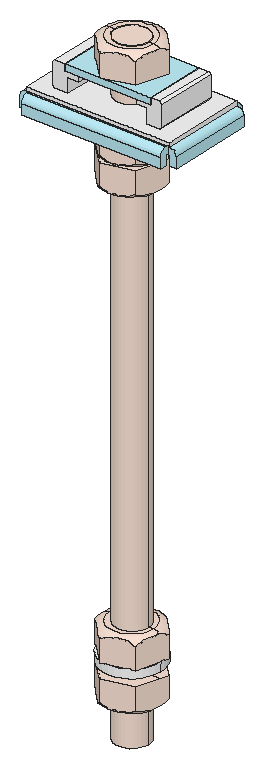
Revit family "ボルトセットGTダイレクト用", category 機械設備, Revit 2020
Family settings
  丸型コネクタ寸法 = 直径を使用
  種別 = なし
  パーツ タイプ = 標準
  作業面ベース = いいえ
  常に垂直 = はい
  ロード時にボイドで切り取り = いいえ
  共有 = いいえ
  部屋計算ポイント = いいえ
Parameters
  製造元 = "株式会社桐井製作所"
  既定の高さ = 0 mm
  URL = "https://www.kirii.co.jp/"
  K_名称 = "ボルトセットGTダイレクト用"
  K_備考 = "ボルト長さ150mm~500mmまで対応"
  K_バージョン情報 = "20221219"
Reference planes
  plane 1 "中心(正面/背面)": y = 0
  plane 2: z = 0
  plane 3 "中心(左/右)": x = 0
Forms (mm)
  Extrusion 1, solid
    sketch origin (0.058, 0, 0) x (1, 0, 0) y (0, 1, 0)
      loop
        circle (-0.02, 0) r 7.94
    from -30 to 270
Dimensions and locks
  aligned and locked: level to plane 2
Nested families
  nested 1: "5／8”ナット" at (0, 0, 7.2), type "5／8”ナット"
  nested 2: "5／8”スプリングワッシャー" at (0.038, -0.162, 3.2), type "5／8”スプリングワッシャー"
  nested 3: "5／8”ナット" at (0, -0.002, 0) x (1, 0, 0) z (0, 0, -1), type "5／8”ナット"
  nested 4: "5／8”ナット" at (0, 0, 257), type "5／8”ナット"
  nested 5: "5／8”ナット" at (0, -0.002, 233.4) x (1, 0, 0) z (0, 0, -1), type "5／8”ナット"
  nested 6: "5／8”ナット" at (0, -0.002, 220.4) x (1, 0, 0) z (0, 0, -1), type "5／8”ナット"
  nested 7: "5／8”スプリングワッシャー" at (0.038, -0.162, 234.2), type "5／8”スプリングワッシャー"
  nested 8: "押え金具" at (0.038, 0, 245), type "押え金具"
  nested 9: "GTダイレクト用受け金具" at (0.038, 0, 245), type "GTダイレクト用受け金具"
Definition of nested family "5／8”ナット"
  Parameters (values of type "5／8”ナット")
    Manufacturer = "株式会社桐井製作所"
    Default Elevation = 0 mm
    URL = "https://www.kirii.co.jp/"
    K_表面処理 = "JIS H 8610 電気亜鉛めっき1級以上　JIS H 8625 1級CM1A以上"
    K_材質 = "軟鋼線材 JIS G 3505 同等以上"
    K_名称 = "5/8\"ナット"
    K_単位質量(kg/個) = 0.043
    K_バージョン情報 = "20221219"
  Reference planes
    plane 1 "中心(正面/背面)": y = 0
    plane 2: z = 0
    plane 3 "中心(左/右)": x = 0
  Forms (mm)
    Revolve 1, solid
      sketch origin (0, 0, 2.36) x (1, 0, 0) y (0, 0, 1)
        loop
          line (10.586, 10.64) -> (8, 10.64) -> (8, -2.36) -> (16, -2.36) -> (16, 4.24)
          arc (16, 4.24) -> (14.465, 8.431) -> (10.586, 10.64) r 6.49
        axis (0, 10.64) -> (0, -2.36)
      angle from 0 to 360
    Extrusion 2, void
      sketch origin (0, 0, 0) x (1, 0, 0) y (0, 1, 0)
        loop
          circle (0, 0) r 16
        loop
          line (3.875, 14.461) -> (-10.586, 10.586) -> (-14.461, -3.875) -> (-3.875, -14.461) -> (10.586, -10.586) -> (14.461, 3.875) -> (3.875, 14.461)
      from 0 to 13
  Cuts and joins
    Extrusion 2 cuts Revolve 1
  Dimensions and locks
    aligned and locked: level to plane 2
Definition of nested family "5／8”スプリングワッシャー"
  Parameters (values of type "5／8”スプリングワッシャー")
    Manufacturer = "株式会社桐井製作所"
    Default Elevation = 0 mm
    URL = "https://www.kirii.co.jp/"
    K_表面処理 = "JIS H 8610 電気亜鉛めっき1級以上　JIS H 8625 1級CM1A以上"
    K_材質 = "軟鋼線材 JIS G 3505 同等以上"
    K_名称 = "5/8”スプリングワッシャー"
    K_単位質量(kg/個) = 0.005
    K_バージョン情報 = "20221219"
  Reference planes
    plane 1 "中心(正面/背面)": y = 0
    plane 2: z = 0
    plane 3 "中心(左/右)": x = 0
  Forms (mm)
    Extrusion 1, solid
      sketch origin (0, 0, 0) x (1, 0, 0) y (0, 1, 0)
        loop
          circle (0, 0.162) r 14
        loop
          circle (0, 0.162) r 8
      from 0 to 4
  Dimensions and locks
    aligned and locked: level to plane 2
Definition of nested family "押え金具"
  Parameters (values of type "押え金具")
    Manufacturer = "株式会社桐井製作所"
    Default Elevation = 0 mm
    URL = "https://www.kirii.co.jp/"
    K_表面処理 = "Z12以上"
    K_材質 = "溶融亜鉛めっき鋼板及び鋼帯 JIS G 3302"
    K_名称 = "押え金具"
    K_単位質量(kg/個) = 0.047
    K_バージョン情報 = "20221219"
  Reference planes
    plane 1 "中心(正面/背面)": y = 0
    plane 2: z = 0
    plane 3 "中心(左/右)": x = 0
  Forms (mm)
    Extrusion 1, solid
      sketch origin (0, 0, 0) x (1, 0, 0) y (0, 0, 1)
        loop
          line (20.5, 12) -> (-20.5, 12) -> (-20.5, 8.8) -> (20.5, 8.8) -> (20.5, 12)
      from -14.5 to 14.5
    Extrusion 2, solid
      sketch origin (0, 0, 0) x (1, 0, 0) y (0, 0, 1)
        loop
          line (-13.8, 6.8) -> (-13.8, 8.8) -> (-20.5, 8.8) -> (-20.5, 12) -> (-25, 12) -> (-26, 11) -> (-26, 1) -> (-25, 0) -> (-18.8, 0) -> (-18.8, 6.8) -> (-13.8, 6.8)
      from -14.5 to 14.5
    Extrusion 3, solid
      sketch origin (0, 0, 0) x (-1, 0, 0) y (0, 0, -1)
        loop
          line (-13.8, -6.8) -> (-18.8, -6.8) -> (-18.8, 0) -> (-25, 0) -> (-26, -1) -> (-26, -11) -> (-25, -12) -> (-20.5, -12) -> (-20.5, -8.8) -> (-13.8, -8.8) -> (-13.8, -6.8)
      from -14.5 to 14.5
    Extrusion 4, void
      sketch origin (0, 0, 0) x (1, 0, 0) y (0, 1, 0)
        loop
          circle (0, 0) r 8.25
      from 8.8 to 12
  Cuts and joins
    Extrusion 4 cuts Extrusion 1
  Dimensions and locks
    aligned and locked: level to plane 2
Definition of nested family "GTダイレクト用受け金具"
  Parameters (values of type "GTダイレクト用受け金具")
    Manufacturer = "株式会社桐井製作所"
    Default Elevation = 0 mm
    URL = "https://www.kirii.co.jp/"
    K_表面処理 = "Z12以上"
    K_材質 = "溶融亜鉛めっき鋼板及び鋼帯 JIS G 3302"
    K_名称 = "GTダイレクト用受け金具"
    K_単位質量(kg/個) = 0.096
    K_バージョン情報 = "20221219"
  Reference planes
    plane 1 "中心(正面/背面)": y = 0
    plane 2: z = 0
    plane 3 "中心(左/右)": x = 0
  Forms (mm)
    Extrusion 1, solid
      sketch origin (0, 0, 0) x (0, 1, 0) y (0, 0, -1)
        loop
          line (-20, 5.2) -> (-21.05, 5.2) -> (-21.05, 10) -> (-24.25, 10) -> (-24.25, 5.2)
          arc (-24.25, 5.2) -> (-23.311, 2.936) -> (-21.046, 2) r 3.2
          line (-21.046, 2) -> (-20, 2) -> (-20, 5.2)
      from -33 to 33
    Extrusion 2, void
      sketch origin (0, 0, 0) x (-1, 0, 0) y (0, -1, 0)
        loop
          circle (0, 0) r 8
      from -5.2 to 0
    Extrusion 3, solid
      sketch origin (0, 0, 0) x (0, -1, 0) y (0, 0, 1)
        loop
          line (-20, -5.2) -> (-20, -2) -> (-21.046, -2)
          arc (-21.046, -2) -> (-23.311, -2.936) -> (-24.25, -5.2) r 3.2
          line (-24.25, -5.2) -> (-24.25, -10) -> (-21.05, -10) -> (-21.05, -5.2) -> (-20, -5.2)
      from -33 to 33
    Extrusion 4, solid
      sketch origin (0, -0.016, -2) x (-1, 0, 0) y (0, 0, 1)
        loop
          arc (37.25, -3.2) -> (36.313, -0.937) -> (34.05, 0) r 3.2
          line (34.05, 0) -> (-34.05, 0)
          arc (-34.05, 0) -> (-36.313, -0.937) -> (-37.25, -3.2) r 3.2
          line (-37.25, -3.2) -> (-37.25, -8) -> (-34.05, -8) -> (-34.05, -3.7)
          arc (-34.05, -3.7) -> (-33.904, -3.346) -> (-33.55, -3.2) r 0.5
          line (-33.55, -3.2) -> (33.55, -3.2)
          arc (33.55, -3.2) -> (33.904, -3.346) -> (34.05, -3.7) r 0.5
          line (34.05, -3.7) -> (34.05, -8) -> (37.25, -8) -> (37.25, -3.2)
      from -20 to 20
    Extrusion 5, solid
      sketch origin (0, 0, 0) x (1, 0, 0) y (0, 0, 1)
        loop
          line (-34, 0) -> (-34, -2) -> (34, -2) -> (34, 0) -> (-34, 0)
      from -20 to 20
  Cuts and joins
    Extrusion 2 cuts Extrusion 1
    Extrusion 2 cuts Extrusion 4
    joined: Extrusion 1, Extrusion 3, Extrusion 4
    Extrusion 2 cuts Extrusion 5
  Dimensions and locks
    aligned and locked: level to plane 2
